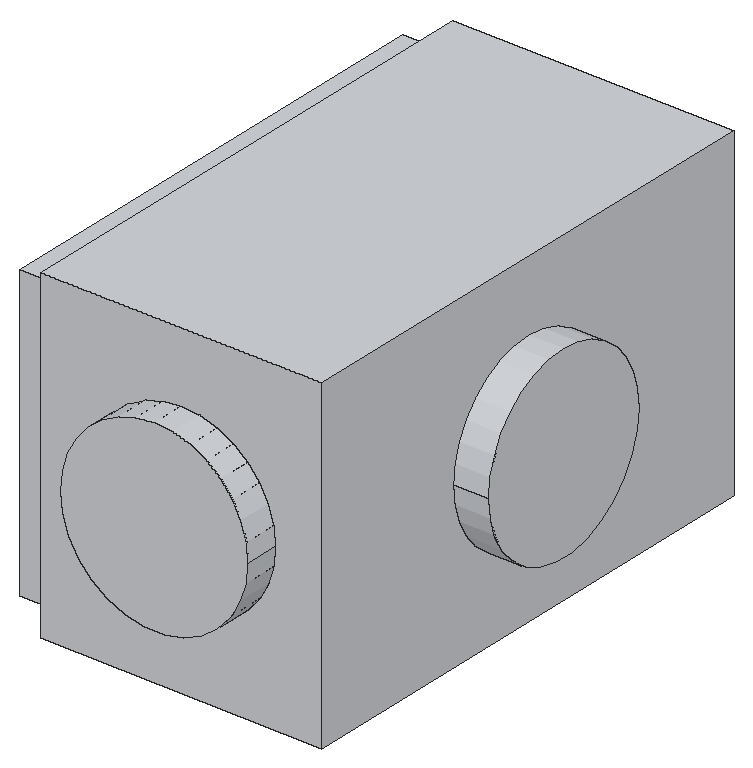
Revit family "M_Plenum de saída VAV - Cruzamento", category Conexões de duto, Revit 2019
Family settings
  Cota do conector redondo = Usar raio
  Tipo de parte = Cruzeta
  Número OmniClass = 23.75.70.11.14.24
  Título OmniClass = Air Mixers
  ID de item do Seek = VAV Outlet Plenum - Cross-0000-CAN-ENU
  Com base no plano de trabalho = Não
  Sempre na vertical = Sim
  Corte com vazios quando carregada = Não
  Compartilhado = Não
Parameters (values of type "Padrão")
  Raio de saída do ar de fornecimento = Diâmetro de saída do ar de fornecimento / 2  # 100 mm
  Diâmetro de saída do ar de fornecimento = 200 mm
  Largura da entrada de ar de fornecimento = 511.9 mm
  Altura da entrada de ar de fornecimento = 311.9 mm
  Largura do plenum = Largura da entrada de ar de fornecimento + 38.1 mm  # 550 mm
  Comprimento do plenum = 300 mm
  Altura do plenum = Altura da entrada de ar de fornecimento + 38.1 mm  # 350 mm
  Espessura de revestimento = 0 mm
  Raio da saída de ar de fornecimento revestido = Raio de saída do ar de fornecimento - Espessura de revestimento * 2  # 100 mm
  Largura da entrada do ar de fornecimento revestido = Largura da entrada de ar de fornecimento - Espessura de revestimento * 2  # 511.9 mm
  Altura da entrada de ar do fornecimento revestido = Altura da entrada de ar de fornecimento - Espessura de revestimento * 2  # 311.9 mm
  Largura do plenum revestido = Largura do plenum - Espessura de revestimento * 2  # 550 mm
  Comprimento do plenum revestido = Comprimento do plenum - Espessura de revestimento * 2  # 300 mm
  Altura do plenum revestido = Altura do plenum - Espessura de revestimento * 2  # 350 mm
  Espessura do isolamento = 0 mm
  Raio da saída de ar do fornecimento de isolamento = Raio de saída do ar de fornecimento + Espessura do isolamento * 2  # 100 mm
  Diâmetro da saída de ar do fornecimento de isolamento = Diâmetro de saída do ar de fornecimento + Espessura do isolamento * 2  # 200 mm
  Largura da entrada de ar do fornecimento de isolamento = Largura da entrada de ar de fornecimento + Espessura do isolamento * 2  # 511.9 mm
  Largura do plenum do isolamento = Largura do plenum + Espessura do isolamento * 2  # 550 mm
  Comprimento do plenum do isolamento = Comprimento do plenum + Espessura do isolamento * 2  # 300 mm
  Altura do plenum do isolamento = Altura do plenum + Espessura do isolamento * 2  # 350 mm
  Altura da entrada do ar do fornecimento de isolamento = Altura da entrada de ar de fornecimento + Espessura do isolamento * 2  # 311.9 mm
Reference planes
  plane 1 "Centro (Frente/Trás)": y = 0
  plane 2 "Centro(elevação)": z = 0
  plane 3 "Centro (Esquerda/Direita)": x = 0
  plane 4: y = 275
  plane 5: y = -275
  plane 6: x = 150
  plane 7: x = -150
  plane 8: z = 175
  plane 9: z = -175
  plane 10: x = -188.1
  plane 11: x = 188.1
  plane 12: y = 311.15
  plane 13: y = -311.15
  plane 14: y = -255.95
  plane 15: y = 255.95
  plane 16: z = 155.95
  plane 17: z = -155.95
  plane 18: z = 175
  plane 19: z = -175
  plane 20: z = 175
  plane 21: z = -175
  plane 22: x = -150
  plane 23: x = 150
  plane 24: x = 150
  plane 25: x = -150
  plane 26: y = 275
  plane 27: y = -275
  plane 28: y = 275
  plane 29: y = -275
  plane 30: y = 255.95
  plane 31: y = -255.95
  plane 32: y = 255.95
  plane 33: y = -255.95
  plane 34: z = 155.95
  plane 35: z = -155.95
  plane 36: z = 155.95
  plane 37: z = -155.95
Forms (mm)
  Extrusion 1, solid
    sketch origin (0, 0, 0) x (1, 0, 0) y (0, 1, 0)
      loop
        line (-150, 275) -> (-150, -275) -> (150, -275) -> (150, 275) -> (-150, 275)
    from -175 to 175
  Extrusion 2, solid
    sketch origin (0, 0, 0) x (0, 1, 0) y (0, 0, 1)
      loop
        line (255.95, 155.95) -> (-255.95, 155.95) -> (-255.95, -155.95) -> (255.95, -155.95) -> (255.95, 155.95)
    from -188.1 to -150
  Extrusion 3, solid
    sketch origin (0, 0, 0) x (1, 0, 0) y (0, 0, 1)
      loop
        circle (0, 0) r 100
    from 273.05 to 311.15
  Extrusion 4, solid
    sketch origin (0, 0, 0) x (1, 0, 0) y (0, 0, 1)
      loop
        circle (0, 0) r 100
    from -311.15 to -273.05
  Extrusion 5, solid
    sketch origin (0, 0, 0) x (0, 1, 0) y (0, 0, 1)
      loop
        circle (0, 0) r 100
    from 150 to 188.1
  Extrusion 6, solid
    sketch origin (0, 0, 0) x (0, 1, 0) y (0, 0, 1)
      loop
        circle (0, 0) r 100
    from 150 to 188.1
  Extrusion 7, solid
    sketch origin (0, 0, 0) x (0, 1, 0) y (0, 0, 1)
      loop
        circle (0, 0) r 100
    from 150 to 188.1
  Extrusion 8, solid
    sketch origin (0, 0, 0) x (1, 0, 0) y (0, 0, 1)
      loop
        circle (0, 0) r 100
    from 275 to 311.15
  Extrusion 9, solid
    sketch origin (0, 0, 209.55) x (1, 0, 0) y (0, 0, 1)
      loop
        circle (0, -209.55) r 100
    from -311.15 to -275
  Extrusion 10, solid
    sketch origin (0, 0, 0) x (1, 0, 0) y (0, 0, 1)
      loop
        circle (0, 0) r 100
    from 275 to 311.15
  Extrusion 11, solid
    sketch origin (0, 0, 0) x (1, 0, 0) y (0, 0, 1)
      loop
        circle (0, 0) r 100
    from -311.15 to -275
  Extrusion 12, solid
    sketch origin (0, 0, 0) x (1, 0, 0) y (0, 0, 1)
      loop
        line (-150, 175) -> (-150, -175) -> (150, -175) -> (150, 175) -> (-150, 175)
    from -275 to 275
  Extrusion 13, solid
    sketch origin (0, 0, 0) x (1, 0, 0) y (0, 0, 1)
      loop
        line (-150, 175) -> (-150, -175) -> (150, -175) -> (150, 175) -> (-150, 175)
    from -275 to 275
  Extrusion 14, solid
    sketch origin (0, 0, 0) x (0, 1, 0) y (0, 0, 1)
      loop
        line (-255.95, 155.95) -> (-255.95, -155.95) -> (255.95, -155.95) -> (255.95, 155.95) -> (-255.95, 155.95)
    from -188.1 to -150
  Extrusion 15, solid
    sketch origin (0, 0, 0) x (0, 1, 0) y (0, 0, 1)
      loop
        line (-255.95, 155.95) -> (-255.95, -155.95) -> (255.95, -155.95) -> (255.95, 155.95) -> (-255.95, 155.95)
    from -150 to -188.1
Dimensions and locks
  equal spacing: plane 5, plane 1 "Centro (Frente/Trás)", plane 4
  "Largura do plenum": plane 5 to plane 4
  equal spacing: plane 7, plane 3 "Centro (Esquerda/Direita)", plane 6
  "Comprimento do plenum": plane 7 to plane 6
  equal spacing: plane 8, plane 2 "Centro(elevação)", plane 9
  "Altura do plenum": plane 8 to plane 9
  locked: plane 6 to plane 11 at 38.1
  plane 12 to Extrusion 1 = 36.15 mm
  plane 13 to Extrusion 1 = 36.15 mm
  locked: plane 10 to plane 7 at 38.1
  equal spacing: plane 15, plane 1 "Centro (Frente/Trás)", plane 14
  "Largura da entrada de ar de fornecimento": plane 15 to plane 14
  equal spacing: plane 16, plane 2 "Centro(elevação)", plane 17
  "Altura da entrada de ar de fornecimento": plane 16 to plane 17
  equal spacing: plane 18, plane 2 "Centro(elevação)", plane 19
  "Altura do plenum revestido": plane 18 to plane 19
  equal spacing: plane 20, plane 2 "Centro(elevação)", plane 21
  "Altura do plenum do isolamento": plane 20 to plane 21
  equal spacing: plane 23, plane 3 "Centro (Esquerda/Direita)", plane 22
  "Comprimento do plenum revestido": plane 23 to plane 22
  equal spacing: plane 25, plane 3 "Centro (Esquerda/Direita)", plane 24
  "Comprimento do plenum do isolamento": plane 25 to plane 24
  equal spacing: plane 27, plane 1 "Centro (Frente/Trás)", plane 26
  "Largura do plenum revestido": plane 27 to plane 26
  equal spacing: plane 29, plane 1 "Centro (Frente/Trás)", plane 28
  "Largura do plenum do isolamento": plane 29 to plane 28
  equal spacing: plane 31, plane 1 "Centro (Frente/Trás)", plane 30
  "Largura da entrada do ar de fornecimento revestido": plane 31 to plane 30
  equal spacing: plane 33, plane 1 "Centro (Frente/Trás)", plane 32
  "Largura da entrada de ar do fornecimento de isolamento": plane 33 to plane 32
  equal spacing: plane 34, plane 2 "Centro(elevação)", plane 35
  "Altura da entrada do ar do fornecimento de isolamento": plane 34 to plane 35
  equal spacing: plane 36, plane 2 "Centro(elevação)", plane 37
  "Altura da entrada de ar do fornecimento revestido": plane 36 to plane 37
  "Raio de saída do ar de fornecimento": radius of Extrusion 3 sketch curve
  "Raio de saída do ar de fornecimento": radius of Extrusion 4 sketch curve
  "Raio de saída do ar de fornecimento": radius of Extrusion 5 sketch curve
  "Raio da saída de ar do fornecimento de isolamento": radius of Extrusion 6 sketch curve
  "Raio da saída de ar de fornecimento revestido": radius of Extrusion 7 sketch curve
  "Raio da saída de ar do fornecimento de isolamento": radius of Extrusion 8 sketch curve
  "Raio da saída de ar do fornecimento de isolamento": radius of Extrusion 9 sketch curve
  "Raio da saída de ar de fornecimento revestido": radius of Extrusion 10 sketch curve
  "Raio da saída de ar de fornecimento revestido": radius of Extrusion 11 sketch curve
  aligned and locked: plane 7 to Extrusion 1 sketch curve
  aligned and locked: plane 4 to Extrusion 1 sketch curve
  aligned and locked: plane 5 to Extrusion 1 sketch curve
  aligned and locked: Extrusion 1 sketch curve to plane 6
  aligned and locked: plane 8 to Extrusion 1
  aligned and locked: plane 9 to Extrusion 1
  aligned and locked: plane 15 to Extrusion 2 sketch curve
  aligned and locked: plane 16 to Extrusion 2 sketch curve
  aligned and locked: plane 17 to Extrusion 2 sketch curve
  aligned and locked: plane 14 to Extrusion 2 sketch curve
  aligned and locked: plane 10 to Extrusion 2
  aligned and locked: Extrusion 2 to plane 7
  aligned and locked: plane 2 "Centro(elevação)" to Extrusion 3 sketch curve
  aligned and locked: plane 3 "Centro (Esquerda/Direita)" to Extrusion 3 sketch curve
  aligned and locked: plane 2 "Centro(elevação)" to Extrusion 4 sketch curve
  aligned and locked: plane 3 "Centro (Esquerda/Direita)" to Extrusion 4 sketch curve
  aligned and locked: Extrusion 4 to plane 12
  aligned and locked: Extrusion 3 to plane 13
  aligned and locked: Extrusion 5 to plane 6
  aligned and locked: plane 11 to Extrusion 5
  aligned and locked: Extrusion 6 to plane 6
  aligned and locked: plane 11 to Extrusion 6
  aligned and locked: plane 11 to Extrusion 7
  aligned and locked: plane 3 "Centro (Esquerda/Direita)" to Extrusion 8 sketch curve
  aligned and locked: plane 2 "Centro(elevação)" to Extrusion 8 sketch curve
  aligned and locked: plane 2 "Centro(elevação)" to Extrusion 9 sketch curve
  aligned and locked: plane 3 "Centro (Esquerda/Direita)" to Extrusion 9 sketch curve
  aligned and locked: plane 3 "Centro (Esquerda/Direita)" to Extrusion 10 sketch curve
  aligned and locked: plane 2 "Centro(elevação)" to Extrusion 10 sketch curve
  aligned and locked: plane 3 "Centro (Esquerda/Direita)" to Extrusion 11 sketch curve
  aligned and locked: plane 2 "Centro(elevação)" to Extrusion 11 sketch curve
  aligned and locked: Extrusion 11 to plane 12
  aligned and locked: Extrusion 9 to plane 12
  aligned and locked: plane 4 to Extrusion 9
  aligned and locked: Extrusion 10 to plane 13
  aligned and locked: plane 5 to Extrusion 8
  aligned and locked: Extrusion 8 to plane 13
  aligned and locked: Extrusion 12 sketch curve to plane 20
  aligned and locked: plane 21 to Extrusion 12 sketch curve
  aligned and locked: plane 22 to Extrusion 13 sketch curve
  aligned and locked: Extrusion 13 sketch curve to plane 18
  aligned and locked: plane 19 to Extrusion 13 sketch curve
  aligned and locked: plane 23 to Extrusion 13 sketch curve
  aligned and locked: Extrusion 12 to plane 28
  aligned and locked: Extrusion 12 to plane 29
  aligned and locked: Extrusion 13 to plane 27
  aligned and locked: Extrusion 13 to plane 26
  aligned and locked: plane 31 to Extrusion 14 sketch curve
  aligned and locked: Extrusion 14 sketch curve to plane 36
  aligned and locked: plane 37 to Extrusion 14 sketch curve
  aligned and locked: plane 30 to Extrusion 14 sketch curve
  aligned and locked: plane 33 to Extrusion 15 sketch curve
  aligned and locked: Extrusion 15 sketch curve to plane 34
  aligned and locked: plane 35 to Extrusion 15 sketch curve
  aligned and locked: plane 32 to Extrusion 15 sketch curve
  aligned and locked: Extrusion 15 to plane 7
  aligned and locked: Extrusion 12 sketch curve to plane 25
  aligned and locked: Extrusion 12 sketch curve to plane 24
  aligned and locked: plane 10 to Extrusion 15
  aligned and locked: plane 10 to Extrusion 14
  aligned and locked: plane 1 "Centro (Frente/Trás)" to Extrusion 7 sketch curve
  aligned and locked: plane 2 "Centro(elevação)" to Extrusion 7 sketch curve
  aligned and locked: plane 1 "Centro (Frente/Trás)" to Extrusion 5 sketch curve
  aligned and locked: plane 2 "Centro(elevação)" to Extrusion 5 sketch curve
  aligned and locked: plane 1 "Centro (Frente/Trás)" to Extrusion 6 sketch curve
  aligned and locked: plane 2 "Centro(elevação)" to Extrusion 6 sketch curve
  aligned and locked: plane 22 to Extrusion 14
  aligned and locked: plane 26 to Extrusion 11
  aligned and locked: plane 23 to Extrusion 7
  aligned and locked: plane 27 to Extrusion 10
Connectors
  hvac at (-188.1, 0, 0), driven by "Altura da entrada de ar de fornecimento", driven by "Largura da entrada de ar de fornecimento"
    settings: on Extrusion 2, index 1, duct flow 0.0 L/s, flow factor 0, pres drop 0.0 Pa, loss coef 0, conn angle 0.00°, conn width 511.9 mm, conn height 311.9 mm, conn diameter 609.6 mm, duct sys type 28, conn prof type 1, flow config 0, flow direction 0, loss method 0, conn ref index -1, conn util no, is conn primary yes, conn desc ""
  hvac at (188.1, 0, 0), driven by "Raio de saída do ar de fornecimento"
    settings: on Extrusion 5, index 2, duct flow 0.0 L/s, flow factor 0, pres drop 0.0 Pa, loss coef 0, conn angle 0.00°, conn width 304.8 mm, conn height 304.8 mm, conn diameter 200 mm, duct sys type 28, conn prof type 0, flow config 0, flow direction 0, loss method 0, conn ref index -1, conn util no, is conn primary no, conn desc ""
  hvac at (0, -311.15, 0), driven by "Raio de saída do ar de fornecimento"
    settings: on Extrusion 3, index 3, duct flow 0.0 L/s, flow factor 0, pres drop 0.0 Pa, loss coef 0, conn angle 0.00°, conn width 304.8 mm, conn height 304.8 mm, conn diameter 200 mm, duct sys type 28, conn prof type 0, flow config 0, flow direction 0, loss method 0, conn ref index -1, conn util no, is conn primary no, conn desc ""
  hvac at (0, 311.15, 0), driven by "Raio de saída do ar de fornecimento"
    settings: on Extrusion 4, index 4, duct flow 0.0 L/s, flow factor 0, pres drop 0.0 Pa, loss coef 0, conn angle 0.00°, conn width 304.8 mm, conn height 304.8 mm, conn diameter 200 mm, duct sys type 28, conn prof type 0, flow config 0, flow direction 0, loss method 0, conn ref index -1, conn util no, is conn primary no, conn desc ""
Types in the file's own list only (85): name | Raio de saída do ar de fornecimento | Diâmetro de saída do ar de fornecimento | Largura da entrada de ar de fornecimento | Altura da entrada de ar de fornecimento | Largura do plenum | Comprimento do plenum | Altura do plenum | Raio da saída de ar de fornecimento revestido | Largura da entrada do ar de fornecimento revestido | Altura da entrada de ar do fornecimento revestido | Largura do plenum revestido | Comprimento do plenum revestido | Altura do plenum revestido | Raio da saída de ar do fornecimento de isolamento | Diâmetro da saída de ar do fornecimento de isolamento | Largura da entrada de ar do fornecimento de isolamento | Largura do plenum do isolamento | Comprimento do plenum do isolamento | Altura do plenum do isolamento | Altura da entrada do ar do fornecimento de isolamento
  250x250-125 | 63 mm | 125 mm | 250 mm | 250 mm | 288 mm | 250 mm | 288 mm | 63 mm | 250 mm | 250 mm | 288 mm | 250 mm | 288 mm | 63 mm | 125 mm | 250 mm | 288 mm | 250 mm | 288 mm | 250 mm
  300x250-125 | 63 mm | 125 mm | 300 mm | 250 mm | 338 mm | 250 mm | 288 mm | 63 mm | 300 mm | 250 mm | 338 mm | 250 mm | 288 mm | 63 mm | 125 mm | 300 mm | 338 mm | 250 mm | 288 mm | 250 mm
  300x250-150 | 75 mm | 150 mm | 300 mm | 250 mm | 338 mm | 250 mm | 288 mm | 75 mm | 300 mm | 250 mm | 338 mm | 250 mm | 288 mm | 75 mm | 150 mm | 300 mm | 338 mm | 250 mm | 288 mm | 250 mm
  350x250-125 | 63 mm | 125 mm | 350 mm | 250 mm | 388 mm | 250 mm | 288 mm | 63 mm | 350 mm | 250 mm | 388 mm | 250 mm | 288 mm | 63 mm | 125 mm | 350 mm | 388 mm | 250 mm | 288 mm | 250 mm
  350x250-150 | 75 mm | 150 mm | 350 mm | 250 mm | 388 mm | 250 mm | 288 mm | 75 mm | 350 mm | 250 mm | 388 mm | 250 mm | 288 mm | 75 mm | 150 mm | 350 mm | 388 mm | 250 mm | 288 mm | 250 mm
  400x250-125 | 63 mm | 125 mm | 400 mm | 250 mm | 438 mm | 250 mm | 288 mm | 63 mm | 400 mm | 250 mm | 438 mm | 250 mm | 288 mm | 63 mm | 125 mm | 400 mm | 438 mm | 250 mm | 288 mm | 250 mm
  400x250-150 | 75 mm | 150 mm | 400 mm | 250 mm | 438 mm | 250 mm | 288 mm | 75 mm | 400 mm | 250 mm | 438 mm | 250 mm | 288 mm | 75 mm | 150 mm | 400 mm | 438 mm | 250 mm | 288 mm | 250 mm
  400x250-200 | 100 mm | 200 mm | 400 mm | 250 mm | 438 mm | 250 mm | 288 mm | 100 mm | 400 mm | 250 mm | 438 mm | 250 mm | 288 mm | 100 mm | 200 mm | 400 mm | 438 mm | 250 mm | 288 mm | 250 mm
  450x250-125 | 63 mm | 125 mm | 450 mm | 250 mm | 488 mm | 250 mm | 288 mm | 63 mm | 450 mm | 250 mm | 488 mm | 250 mm | 288 mm | 63 mm | 125 mm | 450 mm | 488 mm | 250 mm | 288 mm | 250 mm
  450x250-150 | 75 mm | 150 mm | 450 mm | 250 mm | 488 mm | 250 mm | 288 mm | 75 mm | 450 mm | 250 mm | 488 mm | 250 mm | 288 mm | 75 mm | 150 mm | 450 mm | 488 mm | 250 mm | 288 mm | 250 mm
  450x250-200 | 100 mm | 200 mm | 450 mm | 250 mm | 488 mm | 250 mm | 288 mm | 100 mm | 450 mm | 250 mm | 488 mm | 250 mm | 288 mm | 100 mm | 200 mm | 450 mm | 488 mm | 250 mm | 288 mm | 250 mm
  500x250-125 | 63 mm | 125 mm | 500 mm | 250 mm | 538 mm | 250 mm | 288 mm | 63 mm | 500 mm | 250 mm | 538 mm | 250 mm | 288 mm | 63 mm | 125 mm | 500 mm | 538 mm | 250 mm | 288 mm | 250 mm
  500x250-150 | 75 mm | 150 mm | 500 mm | 250 mm | 538 mm | 250 mm | 288 mm | 75 mm | 500 mm | 250 mm | 538 mm | 250 mm | 288 mm | 75 mm | 150 mm | 500 mm | 538 mm | 250 mm | 288 mm | 250 mm
  500x250-200 | 100 mm | 200 mm | 500 mm | 250 mm | 538 mm | 250 mm | 288 mm | 100 mm | 500 mm | 250 mm | 538 mm | 250 mm | 288 mm | 100 mm | 200 mm | 500 mm | 538 mm | 250 mm | 288 mm | 250 mm
  500x250-250 | 125 mm | 250 mm | 500 mm | 250 mm | 538 mm | 250 mm | 288 mm | 125 mm | 500 mm | 250 mm | 538 mm | 250 mm | 288 mm | 125 mm | 250 mm | 500 mm | 538 mm | 250 mm | 288 mm | 250 mm
  300x300-150 | 75 mm | 150 mm | 300 mm | 300 mm | 338 mm | 300 mm | 338 mm | 75 mm | 300 mm | 300 mm | 338 mm | 300 mm | 338 mm | 75 mm | 150 mm | 300 mm | 338 mm | 300 mm | 338 mm | 300 mm
  350x300-150 | 75 mm | 150 mm | 350 mm | 300 mm | 388 mm | 300 mm | 338 mm | 75 mm | 350 mm | 300 mm | 388 mm | 300 mm | 338 mm | 75 mm | 150 mm | 350 mm | 388 mm | 300 mm | 338 mm | 300 mm
  400x300-150 | 75 mm | 150 mm | 400 mm | 300 mm | 438 mm | 300 mm | 338 mm | 75 mm | 400 mm | 300 mm | 438 mm | 300 mm | 338 mm | 75 mm | 150 mm | 400 mm | 438 mm | 300 mm | 338 mm | 300 mm
  400x300-200 | 100 mm | 200 mm | 400 mm | 300 mm | 438 mm | 300 mm | 338 mm | 100 mm | 400 mm | 300 mm | 438 mm | 300 mm | 338 mm | 100 mm | 200 mm | 400 mm | 438 mm | 300 mm | 338 mm | 300 mm
  450x300-150 | 75 mm | 150 mm | 450 mm | 300 mm | 488 mm | 300 mm | 338 mm | 75 mm | 450 mm | 300 mm | 488 mm | 300 mm | 338 mm | 75 mm | 150 mm | 450 mm | 488 mm | 300 mm | 338 mm | 300 mm
  450x300-200 | 100 mm | 200 mm | 450 mm | 300 mm | 488 mm | 300 mm | 338 mm | 100 mm | 450 mm | 300 mm | 488 mm | 300 mm | 338 mm | 100 mm | 200 mm | 450 mm | 488 mm | 300 mm | 338 mm | 300 mm
  500x300-150 | 75 mm | 150 mm | 500 mm | 300 mm | 538 mm | 300 mm | 338 mm | 75 mm | 500 mm | 300 mm | 538 mm | 300 mm | 338 mm | 75 mm | 150 mm | 500 mm | 538 mm | 300 mm | 338 mm | 300 mm
  500x300-200 | 100 mm | 200 mm | 500 mm | 300 mm | 538 mm | 300 mm | 338 mm | 100 mm | 500 mm | 300 mm | 538 mm | 300 mm | 338 mm | 100 mm | 200 mm | 500 mm | 538 mm | 300 mm | 338 mm | 300 mm
  500x300-250 | 125 mm | 250 mm | 500 mm | 300 mm | 538 mm | 300 mm | 338 mm | 125 mm | 500 mm | 300 mm | 538 mm | 300 mm | 338 mm | 125 mm | 250 mm | 500 mm | 538 mm | 300 mm | 338 mm | 300 mm
  550x300-150 | 75 mm | 150 mm | 550 mm | 300 mm | 588 mm | 300 mm | 338 mm | 75 mm | 550 mm | 300 mm | 588 mm | 300 mm | 338 mm | 75 mm | 150 mm | 550 mm | 588 mm | 300 mm | 338 mm | 300 mm
  550x300-200 | 100 mm | 200 mm | 550 mm | 300 mm | 588 mm | 300 mm | 338 mm | 100 mm | 550 mm | 300 mm | 588 mm | 300 mm | 338 mm | 100 mm | 200 mm | 550 mm | 588 mm | 300 mm | 338 mm | 300 mm
  550x300-250 | 125 mm | 250 mm | 550 mm | 300 mm | 588 mm | 300 mm | 338 mm | 125 mm | 550 mm | 300 mm | 588 mm | 300 mm | 338 mm | 125 mm | 250 mm | 550 mm | 588 mm | 300 mm | 338 mm | 300 mm
  600x300-150 | 75 mm | 150 mm | 600 mm | 300 mm | 638 mm | 300 mm | 338 mm | 75 mm | 600 mm | 300 mm | 638 mm | 300 mm | 338 mm | 75 mm | 150 mm | 600 mm | 638 mm | 300 mm | 338 mm | 300 mm
  600x300-200 | 100 mm | 200 mm | 600 mm | 300 mm | 638 mm | 300 mm | 338 mm | 100 mm | 600 mm | 300 mm | 638 mm | 300 mm | 338 mm | 100 mm | 200 mm | 600 mm | 638 mm | 300 mm | 338 mm | 300 mm
  600x300-250 | 125 mm | 250 mm | 600 mm | 300 mm | 638 mm | 300 mm | 338 mm | 125 mm | 600 mm | 300 mm | 638 mm | 300 mm | 338 mm | 125 mm | 250 mm | 600 mm | 638 mm | 300 mm | 338 mm | 300 mm
  600x300-300 | 150 mm | 300 mm | 600 mm | 300 mm | 638 mm | 300 mm | 338 mm | 150 mm | 600 mm | 300 mm | 638 mm | 300 mm | 338 mm | 150 mm | 300 mm | 600 mm | 638 mm | 300 mm | 338 mm | 300 mm
  400x350-200 | 100 mm | 200 mm | 400 mm | 350 mm | 438 mm | 350 mm | 388 mm | 100 mm | 400 mm | 350 mm | 438 mm | 350 mm | 388 mm | 100 mm | 200 mm | 400 mm | 438 mm | 350 mm | 388 mm | 350 mm
  450x350-200 | 100 mm | 200 mm | 450 mm | 350 mm | 488 mm | 350 mm | 388 mm | 100 mm | 450 mm | 350 mm | 488 mm | 350 mm | 388 mm | 100 mm | 200 mm | 450 mm | 488 mm | 350 mm | 388 mm | 350 mm
  500x350-200 | 100 mm | 200 mm | 500 mm | 350 mm | 538 mm | 350 mm | 388 mm | 100 mm | 500 mm | 350 mm | 538 mm | 350 mm | 388 mm | 100 mm | 200 mm | 500 mm | 538 mm | 350 mm | 388 mm | 350 mm
  500x350-250 | 125 mm | 250 mm | 500 mm | 350 mm | 538 mm | 350 mm | 388 mm | 125 mm | 500 mm | 350 mm | 538 mm | 350 mm | 388 mm | 125 mm | 250 mm | 500 mm | 538 mm | 350 mm | 388 mm | 350 mm
  550x350-200 | 100 mm | 200 mm | 550 mm | 350 mm | 588 mm | 350 mm | 388 mm | 100 mm | 550 mm | 350 mm | 588 mm | 350 mm | 388 mm | 100 mm | 200 mm | 550 mm | 588 mm | 350 mm | 388 mm | 350 mm
  550x350-250 | 125 mm | 250 mm | 550 mm | 350 mm | 588 mm | 350 mm | 388 mm | 125 mm | 550 mm | 350 mm | 588 mm | 350 mm | 388 mm | 125 mm | 250 mm | 550 mm | 588 mm | 350 mm | 388 mm | 350 mm
  600x350-200 | 100 mm | 200 mm | 600 mm | 350 mm | 638 mm | 350 mm | 388 mm | 100 mm | 600 mm | 350 mm | 638 mm | 350 mm | 388 mm | 100 mm | 200 mm | 600 mm | 638 mm | 350 mm | 388 mm | 350 mm
  600x350-250 | 125 mm | 250 mm | 600 mm | 350 mm | 638 mm | 350 mm | 388 mm | 125 mm | 600 mm | 350 mm | 638 mm | 350 mm | 388 mm | 125 mm | 250 mm | 600 mm | 638 mm | 350 mm | 388 mm | 350 mm
  600x350-300 | 150 mm | 300 mm | 600 mm | 350 mm | 638 mm | 350 mm | 388 mm | 150 mm | 600 mm | 350 mm | 638 mm | 350 mm | 388 mm | 150 mm | 300 mm | 600 mm | 638 mm | 350 mm | 388 mm | 350 mm
  650x350-200 | 100 mm | 200 mm | 650 mm | 350 mm | 688 mm | 350 mm | 388 mm | 100 mm | 650 mm | 350 mm | 688 mm | 350 mm | 388 mm | 100 mm | 200 mm | 650 mm | 688 mm | 350 mm | 388 mm | 350 mm
  650x350-250 | 125 mm | 250 mm | 650 mm | 350 mm | 688 mm | 350 mm | 388 mm | 125 mm | 650 mm | 350 mm | 688 mm | 350 mm | 388 mm | 125 mm | 250 mm | 650 mm | 688 mm | 350 mm | 388 mm | 350 mm
  650x350-300 | 150 mm | 300 mm | 650 mm | 350 mm | 688 mm | 350 mm | 388 mm | 150 mm | 650 mm | 350 mm | 688 mm | 350 mm | 388 mm | 150 mm | 300 mm | 650 mm | 688 mm | 350 mm | 388 mm | 350 mm
  700x350-200 | 100 mm | 200 mm | 700 mm | 350 mm | 738 mm | 350 mm | 388 mm | 100 mm | 700 mm | 350 mm | 738 mm | 350 mm | 388 mm | 100 mm | 200 mm | 700 mm | 738 mm | 350 mm | 388 mm | 350 mm
  700x350-250 | 125 mm | 250 mm | 700 mm | 350 mm | 738 mm | 350 mm | 388 mm | 125 mm | 700 mm | 350 mm | 738 mm | 350 mm | 388 mm | 125 mm | 250 mm | 700 mm | 738 mm | 350 mm | 388 mm | 350 mm
  700x350-300 | 150 mm | 300 mm | 700 mm | 350 mm | 738 mm | 350 mm | 388 mm | 150 mm | 700 mm | 350 mm | 738 mm | 350 mm | 388 mm | 150 mm | 300 mm | 700 mm | 738 mm | 350 mm | 388 mm | 350 mm
  700x350-350 | 175 mm | 350 mm | 700 mm | 350 mm | 738 mm | 350 mm | 388 mm | 175 mm | 700 mm | 350 mm | 738 mm | 350 mm | 388 mm | 175 mm | 350 mm | 700 mm | 738 mm | 350 mm | 388 mm | 350 mm
  500x400-250 | 125 mm | 250 mm | 500 mm | 400 mm | 538 mm | 400 mm | 438 mm | 125 mm | 500 mm | 400 mm | 538 mm | 400 mm | 438 mm | 125 mm | 250 mm | 500 mm | 538 mm | 400 mm | 438 mm | 400 mm
  550x400-250 | 125 mm | 250 mm | 550 mm | 400 mm | 588 mm | 400 mm | 438 mm | 125 mm | 550 mm | 400 mm | 588 mm | 400 mm | 438 mm | 125 mm | 250 mm | 550 mm | 588 mm | 400 mm | 438 mm | 400 mm
  600x400-250 | 125 mm | 250 mm | 600 mm | 400 mm | 638 mm | 400 mm | 438 mm | 125 mm | 600 mm | 400 mm | 638 mm | 400 mm | 438 mm | 125 mm | 250 mm | 600 mm | 638 mm | 400 mm | 438 mm | 400 mm
  600x400-300 | 150 mm | 300 mm | 600 mm | 400 mm | 638 mm | 400 mm | 438 mm | 150 mm | 600 mm | 400 mm | 638 mm | 400 mm | 438 mm | 150 mm | 300 mm | 600 mm | 638 mm | 400 mm | 438 mm | 400 mm
  650x400-250 | 125 mm | 250 mm | 650 mm | 400 mm | 688 mm | 400 mm | 438 mm | 125 mm | 650 mm | 400 mm | 688 mm | 400 mm | 438 mm | 125 mm | 250 mm | 650 mm | 688 mm | 400 mm | 438 mm | 400 mm
  650x400-300 | 150 mm | 300 mm | 650 mm | 400 mm | 688 mm | 400 mm | 438 mm | 150 mm | 650 mm | 400 mm | 688 mm | 400 mm | 438 mm | 150 mm | 300 mm | 650 mm | 688 mm | 400 mm | 438 mm | 400 mm
  700x400-250 | 125 mm | 250 mm | 700 mm | 400 mm | 738 mm | 400 mm | 438 mm | 125 mm | 700 mm | 400 mm | 738 mm | 400 mm | 438 mm | 125 mm | 250 mm | 700 mm | 738 mm | 400 mm | 438 mm | 400 mm
  700x400-300 | 150 mm | 300 mm | 700 mm | 400 mm | 738 mm | 400 mm | 438 mm | 150 mm | 700 mm | 400 mm | 738 mm | 400 mm | 438 mm | 150 mm | 300 mm | 700 mm | 738 mm | 400 mm | 438 mm | 400 mm
  700x400-350 | 175 mm | 350 mm | 700 mm | 400 mm | 738 mm | 400 mm | 438 mm | 175 mm | 700 mm | 400 mm | 738 mm | 400 mm | 438 mm | 175 mm | 350 mm | 700 mm | 738 mm | 400 mm | 438 mm | 400 mm
  750x400-250 | 125 mm | 250 mm | 750 mm | 400 mm | 788 mm | 400 mm | 438 mm | 125 mm | 750 mm | 400 mm | 788 mm | 400 mm | 438 mm | 125 mm | 250 mm | 750 mm | 788 mm | 400 mm | 438 mm | 400 mm
  750x400-300 | 150 mm | 300 mm | 750 mm | 400 mm | 788 mm | 400 mm | 438 mm | 150 mm | 750 mm | 400 mm | 788 mm | 400 mm | 438 mm | 150 mm | 300 mm | 750 mm | 788 mm | 400 mm | 438 mm | 400 mm
  750x400-350 | 175 mm | 350 mm | 750 mm | 400 mm | 788 mm | 400 mm | 438 mm | 175 mm | 750 mm | 400 mm | 788 mm | 400 mm | 438 mm | 175 mm | 350 mm | 750 mm | 788 mm | 400 mm | 438 mm | 400 mm
  800x400-250 | 125 mm | 250 mm | 800 mm | 400 mm | 838 mm | 400 mm | 438 mm | 125 mm | 800 mm | 400 mm | 838 mm | 400 mm | 438 mm | 125 mm | 250 mm | 800 mm | 838 mm | 400 mm | 438 mm | 400 mm
  800x400-300 | 150 mm | 300 mm | 800 mm | 400 mm | 838 mm | 400 mm | 438 mm | 150 mm | 800 mm | 400 mm | 838 mm | 400 mm | 438 mm | 150 mm | 300 mm | 800 mm | 838 mm | 400 mm | 438 mm | 400 mm
  800x400-350 | 175 mm | 350 mm | 800 mm | 400 mm | 838 mm | 400 mm | 438 mm | 175 mm | 800 mm | 400 mm | 838 mm | 400 mm | 438 mm | 175 mm | 350 mm | 800 mm | 838 mm | 400 mm | 438 mm | 400 mm
  800x400-400 | 200 mm | 400 mm | 800 mm | 400 mm | 838 mm | 400 mm | 438 mm | 200 mm | 800 mm | 400 mm | 838 mm | 400 mm | 438 mm | 200 mm | 400 mm | 800 mm | 838 mm | 400 mm | 438 mm | 400 mm
  600x450-300 | 150 mm | 300 mm | 600 mm | 450 mm | 638 mm | 450 mm | 488 mm | 150 mm | 600 mm | 450 mm | 638 mm | 450 mm | 488 mm | 150 mm | 300 mm | 600 mm | 638 mm | 450 mm | 488 mm | 450 mm
  650x450-300 | 150 mm | 300 mm | 650 mm | 450 mm | 688 mm | 450 mm | 488 mm | 150 mm | 650 mm | 450 mm | 688 mm | 450 mm | 488 mm | 150 mm | 300 mm | 650 mm | 688 mm | 450 mm | 488 mm | 450 mm
  700x450-300 | 150 mm | 300 mm | 700 mm | 450 mm | 738 mm | 450 mm | 488 mm | 150 mm | 700 mm | 450 mm | 738 mm | 450 mm | 488 mm | 150 mm | 300 mm | 700 mm | 738 mm | 450 mm | 488 mm | 450 mm
  700x450-350 | 175 mm | 350 mm | 700 mm | 450 mm | 738 mm | 450 mm | 488 mm | 175 mm | 700 mm | 450 mm | 738 mm | 450 mm | 488 mm | 175 mm | 350 mm | 700 mm | 738 mm | 450 mm | 488 mm | 450 mm
  750x450-300 | 150 mm | 300 mm | 750 mm | 450 mm | 788 mm | 450 mm | 488 mm | 150 mm | 750 mm | 450 mm | 788 mm | 450 mm | 488 mm | 150 mm | 300 mm | 750 mm | 788 mm | 450 mm | 488 mm | 450 mm
  750x450-350 | 175 mm | 350 mm | 750 mm | 450 mm | 788 mm | 450 mm | 488 mm | 175 mm | 750 mm | 450 mm | 788 mm | 450 mm | 488 mm | 175 mm | 350 mm | 750 mm | 788 mm | 450 mm | 488 mm | 450 mm
  800x450-300 | 150 mm | 300 mm | 800 mm | 450 mm | 838 mm | 450 mm | 488 mm | 150 mm | 800 mm | 450 mm | 838 mm | 450 mm | 488 mm | 150 mm | 300 mm | 800 mm | 838 mm | 450 mm | 488 mm | 450 mm
  800x450-350 | 175 mm | 350 mm | 800 mm | 450 mm | 838 mm | 450 mm | 488 mm | 175 mm | 800 mm | 450 mm | 838 mm | 450 mm | 488 mm | 175 mm | 350 mm | 800 mm | 838 mm | 450 mm | 488 mm | 450 mm
  800x450-400 | 200 mm | 400 mm | 800 mm | 450 mm | 838 mm | 450 mm | 488 mm | 200 mm | 800 mm | 450 mm | 838 mm | 450 mm | 488 mm | 200 mm | 400 mm | 800 mm | 838 mm | 450 mm | 488 mm | 450 mm
  850x450-300 | 150 mm | 300 mm | 850 mm | 450 mm | 888 mm | 450 mm | 488 mm | 150 mm | 850 mm | 450 mm | 888 mm | 450 mm | 488 mm | 150 mm | 300 mm | 850 mm | 888 mm | 450 mm | 488 mm | 450 mm
  850x450-350 | 175 mm | 350 mm | 850 mm | 450 mm | 888 mm | 450 mm | 488 mm | 175 mm | 850 mm | 450 mm | 888 mm | 450 mm | 488 mm | 175 mm | 350 mm | 850 mm | 888 mm | 450 mm | 488 mm | 450 mm
  850x450-400 | 200 mm | 400 mm | 850 mm | 450 mm | 888 mm | 450 mm | 488 mm | 200 mm | 850 mm | 450 mm | 888 mm | 450 mm | 488 mm | 200 mm | 400 mm | 850 mm | 888 mm | 450 mm | 488 mm | 450 mm
  900x450-300 | 150 mm | 300 mm | 900 mm | 450 mm | 938 mm | 450 mm | 488 mm | 150 mm | 900 mm | 450 mm | 938 mm | 450 mm | 488 mm | 150 mm | 300 mm | 900 mm | 938 mm | 450 mm | 488 mm | 450 mm
  900x450-350 | 175 mm | 350 mm | 900 mm | 450 mm | 938 mm | 450 mm | 488 mm | 175 mm | 900 mm | 450 mm | 938 mm | 450 mm | 488 mm | 175 mm | 350 mm | 900 mm | 938 mm | 450 mm | 488 mm | 450 mm
  900x450-400 | 200 mm | 400 mm | 900 mm | 450 mm | 938 mm | 450 mm | 488 mm | 200 mm | 900 mm | 450 mm | 938 mm | 450 mm | 488 mm | 200 mm | 400 mm | 900 mm | 938 mm | 450 mm | 488 mm | 450 mm
  900x450-450 | 225 mm | 450 mm | 900 mm | 450 mm | 938 mm | 450 mm | 488 mm | 225 mm | 900 mm | 450 mm | 938 mm | 450 mm | 488 mm | 225 mm | 450 mm | 900 mm | 938 mm | 450 mm | 488 mm | 450 mm
  950x450-450 | 225 mm | 450 mm | 950 mm | 450 mm | 988 mm | 450 mm | 488 mm | 225 mm | 950 mm | 450 mm | 988 mm | 450 mm | 488 mm | 225 mm | 450 mm | 950 mm | 988 mm | 450 mm | 488 mm | 450 mm
  1000x450-450 | 225 mm | 450 mm | 1000 mm | 450 mm | 1038 mm | 450 mm | 488 mm | 225 mm | 1000 mm | 450 mm | 1038 mm | 450 mm | 488 mm | 225 mm | 450 mm | 1000 mm | 1038 mm | 450 mm | 488 mm | 450 mm
  1050x450-450 | 225 mm | 450 mm | 1050 mm | 450 mm | 1088 mm | 450 mm | 488 mm | 225 mm | 1050 mm | 450 mm | 1088 mm | 450 mm | 488 mm | 225 mm | 450 mm | 1050 mm | 1088 mm | 450 mm | 488 mm | 450 mm
  1100x450-450 | 225 mm | 450 mm | 1100 mm | 450 mm | 1138 mm | 450 mm | 488 mm | 225 mm | 1100 mm | 450 mm | 1138 mm | 450 mm | 488 mm | 225 mm | 450 mm | 1100 mm | 1138 mm | 450 mm | 488 mm | 450 mm
  1150x450-450 | 225 mm | 450 mm | 1150 mm | 450 mm | 1188 mm | 450 mm | 488 mm | 225 mm | 1150 mm | 450 mm | 1188 mm | 450 mm | 488 mm | 225 mm | 450 mm | 1150 mm | 1188 mm | 450 mm | 488 mm | 450 mm
  1200x450-450 | 225 mm | 450 mm | 1200 mm | 450 mm | 1238 mm | 450 mm | 488 mm | 225 mm | 1200 mm | 450 mm | 1238 mm | 450 mm | 488 mm | 225 mm | 450 mm | 1200 mm | 1238 mm | 450 mm | 488 mm | 450 mm
